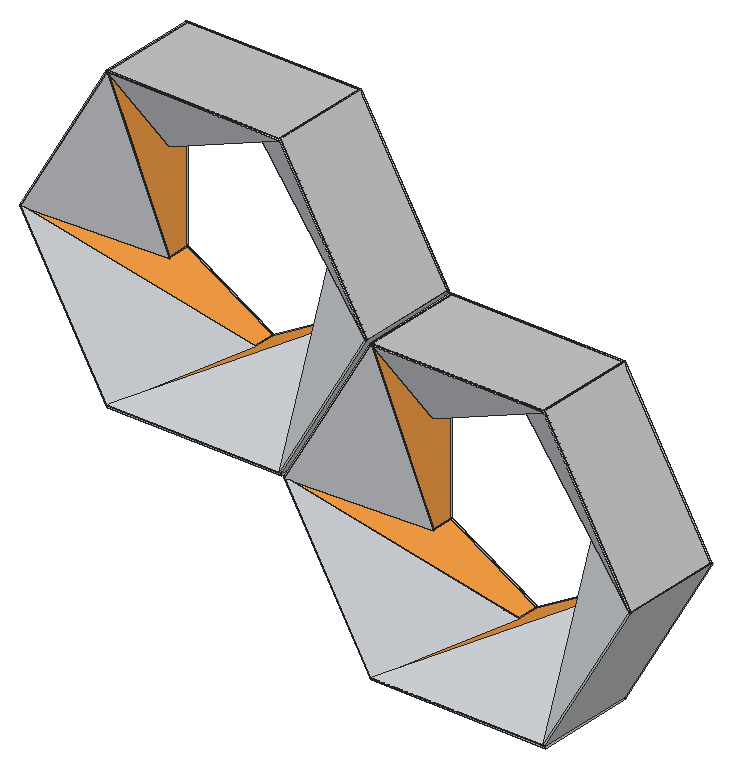
Revit family "POLINNO", category Curtain Panels, Revit 2019
Family settings
  OmniClass Number = 23.25.20.14.11.11.17
  OmniClass Title = Infill Panels
  Always vertical = Yes
  Cut with Voids When Loaded = No
  Shared = No
Parameters
  Material en Concreto = Concreto ladrillo
Reference planes (m)
  plane 1 "Centro (Frontal/Posterior)": y = 0
  plane 2: z = 0
  plane 3 "Centro (Izquierda/Derecha)": x = 0
  plane 4 "Izquierda": x = -1.5
  plane 5 "Derecha": x = 1.5
  plane 6 "Parte superior": z = 4
Forms (m)
  Extrusion 1, solid, material "PINTURA"
    sketch origin (0.223302, 0.016264, 0.089789) x (0.866025, 0, 0.5) y (0, -1, 0)
      loop
        line (-0.176913, 0.096606) -> (-0.176913, 0.016537) -> (-0.016913, 0.016537) -> (-0.016913, 0.035022) -> (-0.176913, 0.096606)
    from 0 to 0.001
  Extrusion 2, solid, material "Concreto ladrillo"
    sketch origin (0.208601, -0.019508, 0.218393) x (0, 1, 0) y (0, 0, 1)
      loop
        line (-0.060835, -0.217063) -> (0.019018, -0.217063) -> (0.019018, -0.137063) -> (0.000749, -0.137063) -> (-0.060835, -0.217063)
    from 0 to 0.001
  Extrusion 3, solid
    sketch origin (0.070084, 0, 0.001329) x (1, 0, 0) y (0, 0, 1)
      loop
        line (0.139516, 0.08) -> (0.138516, 0.08) -> (-0.000048, 0) -> (-0.000048, -0.001) -> (0.139516, -0.001) -> (0.139516, 0.08)
    from 0 to 0.001
  Extrusion 4, solid
    sketch origin (0.095531, -0.023141, 0.075639) x (0, -0.609994, -0.792406) y (1, 0, 0)
      loop
        line (0.093731, 0.11407) -> (-0.007818, 0.11407) -> (0.093731, -0.025383) -> (0.093731, 0.11407)
    from 0 to 0.001
  Extrusion 5, solid, material "PINTURA"
    sketch origin (0.154107, 0.016264, 0.032865) x (0.866025, 0, -0.5) y (0, -1, 0)
      loop
        line (-0.176913, 0.096606) -> (-0.176913, 0.016537) -> (-0.016913, 0.016537) -> (-0.016913, 0.035022) -> (-0.176913, 0.096606)
    from 0 to 0.001
  Extrusion 6, solid, material "Concreto ladrillo"
    sketch origin (0.25813, -0.019508, 0.109898) x (0, 1, 0) y (0.866025, 0, 0.5)
      loop
        line (-0.060835, -0.217063) -> (0.019018, -0.217063) -> (0.019018, -0.137063) -> (0.000749, -0.137063) -> (-0.060835, -0.217063)
    from 0 to 0.001
  Extrusion 7, solid, material "Concreto ladrillo"
    sketch origin (-0.004925, -0.03671, 0.13225) x (0, 1, 0) y (0.5, 0, -0.866025)
      loop
        line (0.03671, 0.151771) -> (-0.043634, 0.151771) -> (-0.043634, 0.012255) -> (0.03671, 0.012255) -> (0.03671, 0.151771)
    from 0 to 0.001
  Extrusion 8, solid
    sketch origin (0.00089, 0, 0.121325) x (0.5, 0, -0.866025) y (0.866025, 0, 0.5)
      loop
        line (0.139516, 0.08) -> (0.138516, 0.08) -> (-0.000048, 0) -> (-0.000048, -0.001) -> (0.139516, -0.001) -> (0.139516, 0.08)
    from 0 to 0.001
  Extrusion 9, solid
    sketch origin (0.077967, -0.023141, 0.136442) x (-0.686244, -0.609994, -0.396203) y (0.5, 0, -0.866025)
      loop
        line (0.093731, 0.11407) -> (-0.007818, 0.11407) -> (0.093731, -0.025383) -> (0.093731, 0.11407)
    from 0 to 0.001
  Extrusion 10, solid, material "PINTURA"
    sketch origin (0.070961, 0.016264, 0.064542) x (0, 0, -1) y (0, -1, 0)
      loop
        line (-0.176913, 0.096606) -> (-0.176913, 0.016537) -> (-0.015862, 0.016537) -> (-0.015862, 0.034617) -> (-0.176913, 0.096606)
    from 0 to 0.001
  Extrusion 11, solid, material "Concreto ladrillo"
    sketch origin (0.189685, -0.019508, 0.012972) x (0, 1, 0) y (0.866025, 0, -0.5)
      loop
        line (-0.060835, -0.217063) -> (0.019018, -0.217063) -> (0.019018, -0.137063) -> (0.000749, -0.137063) -> (-0.060835, -0.217063)
    from 0 to 0.001
  Extrusion 12, solid, material "Concreto ladrillo"
    sketch origin (0.077088, -0.03671, 0.252075) x (0, 1, 0) y (-0.5, 0, -0.866025)
      loop
        line (0.03671, 0.151771) -> (-0.043634, 0.151771) -> (-0.043634, 0.012255) -> (0.03671, 0.012255) -> (0.03671, 0.151771)
    from 0 to 0.001
  Extrusion 13, solid
    sketch origin (0.070961, 0, 0.241462) x (-0.5, 0, -0.866025) y (0.866025, 0, -0.5)
      loop
        line (0.139516, 0.08) -> (0.138516, 0.08) -> (-0.000048, 0) -> (-0.000048, -0.001) -> (0.139516, -0.001) -> (0.139516, 0.08)
    from 0 to 0.001
  Extrusion 14, solid
    sketch origin (0.122591, -0.023141, 0.18227) x (-0.686244, -0.609994, 0.396203) y (-0.5, 0, -0.866025)
      loop
        line (0.093731, 0.11407) -> (-0.007818, 0.11407) -> (0.093731, -0.025383) -> (0.093731, 0.11407)
    from 0 to 0.001
  Extrusion 15, solid, material "PINTURA"
    sketch origin (0.05626, 0.016264, 0.152929) x (-0.866025, 0, -0.5) y (0, -1, 0)
      loop
        line (-0.176913, 0.096606) -> (-0.176913, 0.016537) -> (-0.016913, 0.016537) -> (-0.016913, 0.035022) -> (-0.176913, 0.096606)
    from 0 to 0.001
  Extrusion 16, solid, material "Concreto ladrillo"
    sketch origin (0.070961, -0.019508, 0.024325) x (0, 1, 0) y (0, 0, -1)
      loop
        line (-0.060835, -0.217063) -> (0.019018, -0.217063) -> (0.019018, -0.137063) -> (0.000749, -0.137063) -> (-0.060835, -0.217063)
    from 0 to 0.001
  Extrusion 17, solid, material "Concreto ladrillo"
    sketch origin (0.221846, -0.03671, 0.240962) x (0, 1, 0) y (-1, 0, 0)
      loop
        line (0.03671, 0.151771) -> (-0.043634, 0.151771) -> (-0.043634, 0.012255) -> (0.03671, 0.012255) -> (0.03671, 0.151771)
    from 0 to 0.001
  Extrusion 18, solid
    sketch origin (0.209477, 0, 0.241389) x (-1, 0, 0) y (0, 0, -1)
      loop
        line (0.139516, 0.08) -> (0.138516, 0.08) -> (-0.000048, 0) -> (-0.000048, -0.001) -> (0.139516, -0.001) -> (0.139516, 0.08)
    from 0 to 0.001
  Extrusion 19, solid
    sketch origin (0.184031, -0.023141, 0.167079) x (0, -0.609994, 0.792406) y (-1, 0, 0)
      loop
        line (0.093731, 0.11407) -> (-0.007818, 0.11407) -> (0.093731, -0.025383) -> (0.093731, 0.11407)
    from 0 to 0.001
  Extrusion 20, solid, material "PINTURA"
    sketch origin (0.1252, 0.016264, 0.209524) x (-0.866025, 0, 0.5) y (0, -1, 0)
      loop
        line (-0.176913, 0.096606) -> (-0.176913, 0.016537) -> (-0.016913, 0.016537) -> (-0.016913, 0.035022) -> (-0.176913, 0.096606)
    from 0 to 0.001
  Extrusion 21, solid, material "Concreto ladrillo"
    sketch origin (0.021176, -0.019508, 0.132491) x (0, 1, 0) y (-0.866025, 0, -0.5)
      loop
        line (-0.060835, -0.217063) -> (0.019018, -0.217063) -> (0.019018, -0.137063) -> (0.000749, -0.137063) -> (-0.060835, -0.217063)
    from 0 to 0.001
  Extrusion 22, solid, material "Concreto ladrillo"
    sketch origin (0.284544, -0.03671, 0.110451) x (0, 1, 0) y (-0.5, 0, 0.866025)
      loop
        line (0.03671, 0.151771) -> (-0.043634, 0.151771) -> (-0.043634, 0.012255) -> (0.03671, 0.012255) -> (0.03671, 0.151771)
    from 0 to 0.001
  Extrusion 23, solid
    sketch origin (0.278417, 0, 0.121064) x (-0.5, 0, 0.866025) y (-0.866025, 0, -0.5)
      loop
        line (0.139516, 0.08) -> (0.138516, 0.08) -> (-0.000048, 0) -> (-0.000048, -0.001) -> (0.139516, -0.001) -> (0.139516, 0.08)
    from 0 to 0.001
  Extrusion 24, solid
    sketch origin (0.20134, -0.023141, 0.105946) x (0.686244, -0.609994, 0.396203) y (-0.5, 0, 0.866025)
      loop
        line (0.093731, 0.11407) -> (-0.007818, 0.11407) -> (0.093731, -0.025383) -> (0.093731, 0.11407)
    from 0 to 0.001
  Extrusion 25, solid, material "PINTURA"
    sketch origin (0.209095, 0.016264, 0.178062) x (0, 0, 1) y (0, -1, 0)
      loop
        line (-0.176913, 0.096606) -> (-0.176913, 0.016537) -> (-0.016913, 0.016537) -> (-0.016913, 0.035022) -> (-0.176913, 0.096606)
    from 0 to 0.001
  Extrusion 26, solid, material "Concreto ladrillo"
    sketch origin (0.090371, -0.019508, 0.229632) x (0, 1, 0) y (-0.866025, 0, 0.5)
      loop
        line (-0.060835, -0.217063) -> (0.019018, -0.217063) -> (0.019018, -0.137063) -> (0.000749, -0.137063) -> (-0.060835, -0.217063)
    from 0 to 0.001
  Extrusion 27, solid, material "Concreto ladrillo"
    sketch origin (0.202541, -0.03671, -0.009357) x (0, 1, 0) y (0.5, 0, 0.866025)
      loop
        line (0.03671, 0.151771) -> (-0.043634, 0.151771) -> (-0.043634, 0.012255) -> (0.03671, 0.012255) -> (0.03671, 0.151771)
    from 0 to 0.001
  Extrusion 28, solid
    sketch origin (0.209095, 0, 0.001142) x (0.5, 0, 0.866025) y (-0.866025, 0, 0.5)
      loop
        line (0.139516, 0.08) -> (0.138516, 0.08) -> (-0.000048, 0) -> (-0.000048, -0.001) -> (0.139516, -0.001) -> (0.139516, 0.08)
    from 0 to 0.001
  Extrusion 29, solid
    sketch origin (0.157464, -0.023141, 0.060334) x (0.686244, -0.609994, -0.396203) y (0.5, 0, 0.866025)
      loop
        line (0.093731, 0.11407) -> (-0.007818, 0.11407) -> (0.093731, -0.025383) -> (0.093731, 0.11407)
    from 0 to 0.001
  Extrusion 30, solid, material "Concreto ladrillo"
    sketch origin (0.284419, -0.042527, 0.000329) x (0, -1, 0) y (-1, 0, 0)
      loop
        line (0.037963, 0.213568) -> (-0.042381, 0.213568) -> (-0.042381, 0.074051) -> (0.037963, 0.074051) -> (0.037963, 0.213568)
    from -0.001647 to 0.000329
  Extrusion 31, solid, material "PINTURA"
    sketch origin (0.011859, 0.016264, 0.210938) x (0.866025, 0, 0.5) y (0, -1, 0)
      loop
        line (-0.176913, 0.096606) -> (-0.176913, 0.016537) -> (-0.016913, 0.016537) -> (-0.016913, 0.035022) -> (-0.176913, 0.096606)
    from 0 to 0.001
  Extrusion 32, solid, material "Concreto ladrillo"
    sketch origin (-0.002842, -0.019508, 0.339542) x (0, 1, 0) y (0, 0, 1)
      loop
        line (-0.060835, -0.217063) -> (0.019018, -0.217063) -> (0.019018, -0.137063) -> (0.000749, -0.137063) -> (-0.060835, -0.217063)
    from 0 to 0.001
  Extrusion 33, solid
    sketch origin (-0.141358, 0, 0.122478) x (1, 0, 0) y (0, 0, 1)
      loop
        line (0.139516, 0.08) -> (0.138516, 0.08) -> (-0.000048, 0) -> (-0.000048, -0.001) -> (0.139516, -0.001) -> (0.139516, 0.08)
    from 0 to 0.001
  Extrusion 34, solid
    sketch origin (-0.115912, -0.023141, 0.196788) x (0, -0.609994, -0.792406) y (1, 0, 0)
      loop
        line (0.093731, 0.11407) -> (-0.007818, 0.11407) -> (0.093731, -0.025383) -> (0.093731, 0.11407)
    from 0 to 0.001
  Extrusion 35, solid, material "PINTURA"
    sketch origin (-0.057336, 0.016264, 0.154014) x (0.866025, 0, -0.5) y (0, -1, 0)
      loop
        line (-0.176913, 0.096606) -> (-0.176913, 0.016537) -> (-0.016913, 0.016537) -> (-0.016913, 0.035022) -> (-0.176913, 0.096606)
    from 0 to 0.001
  Extrusion 36, solid, material "Concreto ladrillo"
    sketch origin (0.046688, -0.019508, 0.231047) x (0, 1, 0) y (0.866025, 0, 0.5)
      loop
        line (-0.060835, -0.217063) -> (0.019018, -0.217063) -> (0.019018, -0.137063) -> (0.000749, -0.137063) -> (-0.060835, -0.217063)
    from 0 to 0.001
  Extrusion 37, solid, material "Concreto ladrillo"
    sketch origin (-0.216368, -0.03671, 0.253399) x (0, 1, 0) y (0.5, 0, -0.866025)
      loop
        line (0.03671, 0.151771) -> (-0.043634, 0.151771) -> (-0.043634, 0.012255) -> (0.03671, 0.012255) -> (0.03671, 0.151771)
    from 0 to 0.001
  Extrusion 38, solid
    sketch origin (-0.210553, 0, 0.242474) x (0.5, 0, -0.866025) y (0.866025, 0, 0.5)
      loop
        line (0.139516, 0.08) -> (0.138516, 0.08) -> (-0.000048, 0) -> (-0.000048, -0.001) -> (0.139516, -0.001) -> (0.139516, 0.08)
    from 0 to 0.001
  Extrusion 39, solid
    sketch origin (-0.133476, -0.023141, 0.257591) x (-0.686244, -0.609994, -0.396203) y (0.5, 0, -0.866025)
      loop
        line (0.093731, 0.11407) -> (-0.007818, 0.11407) -> (0.093731, -0.025383) -> (0.093731, 0.11407)
    from 0 to 0.001
  Extrusion 40, solid, material "PINTURA"
    sketch origin (-0.140482, 0.016264, 0.185691) x (0, 0, -1) y (0, -1, 0)
      loop
        line (-0.176913, 0.096606) -> (-0.176913, 0.016537) -> (-0.015862, 0.016537) -> (-0.015862, 0.034617) -> (-0.176913, 0.096606)
    from 0 to 0.001
  Extrusion 41, solid, material "Concreto ladrillo"
    sketch origin (-0.021758, -0.019508, 0.134121) x (0, 1, 0) y (0.866025, 0, -0.5)
      loop
        line (-0.060835, -0.217063) -> (0.019018, -0.217063) -> (0.019018, -0.137063) -> (0.000749, -0.137063) -> (-0.060835, -0.217063)
    from 0 to 0.001
  Extrusion 42, solid, material "Concreto ladrillo"
    sketch origin (-0.134355, -0.03671, 0.373224) x (0, 1, 0) y (-0.5, 0, -0.866025)
      loop
        line (0.03671, 0.151771) -> (-0.043634, 0.151771) -> (-0.043634, 0.012255) -> (0.03671, 0.012255) -> (0.03671, 0.151771)
    from 0 to 0.001
  Extrusion 43, solid
    sketch origin (-0.140482, 0, 0.362611) x (-0.5, 0, -0.866025) y (0.866025, 0, -0.5)
      loop
        line (0.139516, 0.08) -> (0.138516, 0.08) -> (-0.000048, 0) -> (-0.000048, -0.001) -> (0.139516, -0.001) -> (0.139516, 0.08)
    from 0 to 0.001
  Extrusion 44, solid
    sketch origin (-0.088851, -0.023141, 0.303419) x (-0.686244, -0.609994, 0.396203) y (-0.5, 0, -0.866025)
      loop
        line (0.093731, 0.11407) -> (-0.007818, 0.11407) -> (0.093731, -0.025383) -> (0.093731, 0.11407)
    from 0 to 0.001
  Extrusion 45, solid, material "PINTURA"
    sketch origin (-0.155183, 0.016264, 0.274078) x (-0.866025, 0, -0.5) y (0, -1, 0)
      loop
        line (-0.176913, 0.096606) -> (-0.176913, 0.016537) -> (-0.016913, 0.016537) -> (-0.016913, 0.035022) -> (-0.176913, 0.096606)
    from 0 to 0.001
  Extrusion 46, solid, material "Concreto ladrillo"
    sketch origin (-0.140482, -0.019508, 0.145474) x (0, 1, 0) y (0, 0, -1)
      loop
        line (-0.060835, -0.217063) -> (0.019018, -0.217063) -> (0.019018, -0.137063) -> (0.000749, -0.137063) -> (-0.060835, -0.217063)
    from 0 to 0.001
  Extrusion 47, solid, material "Concreto ladrillo"
    sketch origin (0.010403, -0.03671, 0.362111) x (0, 1, 0) y (-1, 0, 0)
      loop
        line (0.03671, 0.151771) -> (-0.043634, 0.151771) -> (-0.043634, 0.012255) -> (0.03671, 0.012255) -> (0.03671, 0.151771)
    from 0 to 0.001
  Extrusion 48, solid
    sketch origin (-0.001966, 0, 0.362538) x (-1, 0, 0) y (0, 0, -1)
      loop
        line (0.139516, 0.08) -> (0.138516, 0.08) -> (-0.000048, 0) -> (-0.000048, -0.001) -> (0.139516, -0.001) -> (0.139516, 0.08)
    from 0 to 0.001
  Extrusion 49, solid
    sketch origin (-0.027412, -0.023141, 0.288228) x (0, -0.609994, 0.792406) y (-1, 0, 0)
      loop
        line (0.093731, 0.11407) -> (-0.007818, 0.11407) -> (0.093731, -0.025383) -> (0.093731, 0.11407)
    from 0 to 0.001
  Extrusion 50, solid, material "PINTURA"
    sketch origin (-0.086243, 0.016264, 0.330673) x (-0.866025, 0, 0.5) y (0, -1, 0)
      loop
        line (-0.176913, 0.096606) -> (-0.176913, 0.016537) -> (-0.016913, 0.016537) -> (-0.016913, 0.035022) -> (-0.176913, 0.096606)
    from 0 to 0.001
  Extrusion 51, solid, material "Concreto ladrillo"
    sketch origin (-0.190266, -0.019508, 0.25364) x (0, 1, 0) y (-0.866025, 0, -0.5)
      loop
        line (-0.060835, -0.217063) -> (0.019018, -0.217063) -> (0.019018, -0.137063) -> (0.000749, -0.137063) -> (-0.060835, -0.217063)
    from 0 to 0.001
  Extrusion 52, solid, material "Concreto ladrillo"
    sketch origin (0.073101, -0.03671, 0.2316) x (0, 1, 0) y (-0.5, 0, 0.866025)
      loop
        line (0.03671, 0.151771) -> (-0.043634, 0.151771) -> (-0.043634, 0.012255) -> (0.03671, 0.012255) -> (0.03671, 0.151771)
    from 0 to 0.001
  Extrusion 53, solid
    sketch origin (0.066974, 0, 0.242213) x (-0.5, 0, 0.866025) y (-0.866025, 0, -0.5)
      loop
        line (0.139516, 0.08) -> (0.138516, 0.08) -> (-0.000048, 0) -> (-0.000048, -0.001) -> (0.139516, -0.001) -> (0.139516, 0.08)
    from 0 to 0.001
  Extrusion 54, solid
    sketch origin (-0.010103, -0.023141, 0.227095) x (0.686244, -0.609994, 0.396203) y (-0.5, 0, 0.866025)
      loop
        line (0.093731, 0.11407) -> (-0.007818, 0.11407) -> (0.093731, -0.025383) -> (0.093731, 0.11407)
    from 0 to 0.001
  Extrusion 55, solid, material "PINTURA"
    sketch origin (-0.002348, 0.016264, 0.299211) x (0, 0, 1) y (0, -1, 0)
      loop
        line (-0.176913, 0.096606) -> (-0.176913, 0.016537) -> (-0.016913, 0.016537) -> (-0.016913, 0.035022) -> (-0.176913, 0.096606)
    from 0 to 0.001
  Extrusion 56, solid, material "Concreto ladrillo"
    sketch origin (-0.121072, -0.019508, 0.350781) x (0, 1, 0) y (-0.866025, 0, 0.5)
      loop
        line (-0.060835, -0.217063) -> (0.019018, -0.217063) -> (0.019018, -0.137063) -> (0.000749, -0.137063) -> (-0.060835, -0.217063)
    from 0 to 0.001
  Extrusion 57, solid, material "Concreto ladrillo"
    sketch origin (-0.008902, -0.03671, 0.111792) x (0, 1, 0) y (0.5, 0, 0.866025)
      loop
        line (0.03671, 0.151771) -> (-0.043634, 0.151771) -> (-0.043634, 0.012255) -> (0.03671, 0.012255) -> (0.03671, 0.151771)
    from 0 to 0.001
  Extrusion 58, solid
    sketch origin (-0.002348, 0, 0.122291) x (0.5, 0, 0.866025) y (-0.866025, 0, 0.5)
      loop
        line (0.139516, 0.08) -> (0.138516, 0.08) -> (-0.000048, 0) -> (-0.000048, -0.001) -> (0.139516, -0.001) -> (0.139516, 0.08)
    from 0 to 0.001
  Extrusion 59, solid
    sketch origin (-0.053978, -0.023141, 0.181483) x (0.686244, -0.609994, -0.396203) y (0.5, 0, 0.866025)
      loop
        line (0.093731, 0.11407) -> (-0.007818, 0.11407) -> (0.093731, -0.025383) -> (0.093731, 0.11407)
    from 0 to 0.001
  Extrusion 60, solid, material "Concreto ladrillo"
    sketch origin (0.072976, -0.042527, 0.121478) x (0, -1, 0) y (-1, 0, 0)
      loop
        line (0.037963, 0.213568) -> (-0.042381, 0.213568) -> (-0.042381, 0.074051) -> (0.037963, 0.074051) -> (0.037963, 0.213568)
    from -0.001647 to 0.000329
Text (m)
  text "Exterior" at (-2.45384, 1.416179, 0), in view "Nivel de referencia"
  text "Exterior" at (0, 2.290741, 4.406713), in view "Izquierda"
  text "Exterior" at (0, 1.328187, 4.120349), in view "Derecha"
Dimensions and locks (m)
  equal spacing: plane 4 "Izquierda", plane 3 "Centro (Izquierda/Derecha)", plane 5 "Derecha"
  aligned and locked: level to plane 2
Automatic sketch dimensions
  plane 1 "Centro (Frontal/Posterior)" to Extrusion 1 sketch curve = 0.000273 m
  Extrusion 1 sketch curve to Extrusion 1 sketch curve = 0.160 m
  Extrusion 1 sketch curve to Extrusion 1 sketch curve = 0.018485 m
  Extrusion 1 sketch curve to Extrusion 1 sketch curve = 0.080069 m
  level to Extrusion 2 sketch curve = 0.001329 m
  plane 1 "Centro (Frontal/Posterior)" to Extrusion 2 sketch curve = 0.080343 m
  plane 1 "Centro (Frontal/Posterior)" to Extrusion 2 sketch curve = 0.018759 m
  plane 1 "Centro (Frontal/Posterior)" to Extrusion 2 sketch curve = 0.00049 m
  Extrusion 2 sketch curve to Extrusion 2 sketch curve = 0.080 m
  level to Extrusion 3 sketch curve = 0.000329 m
  plane 3 "Centro (Izquierda/Derecha)" to Extrusion 3 sketch curve = 0.070037 m
  level to Extrusion 3 sketch curve = 0.081329 m
  Extrusion 3 sketch curve to Extrusion 3 sketch curve = 0.138564 m
  Extrusion 3 sketch curve to Extrusion 3 sketch curve = 0.001 m  (x2)
  plane 3 "Centro (Izquierda/Derecha)" to Extrusion 4 sketch curve = 0.209601 m
  plane 3 "Centro (Izquierda/Derecha)" to Extrusion 4 sketch curve = 0.070148 m
  Extrusion 4 sketch curve to Extrusion 4 sketch curve = 0.101549 m
  plane 1 "Centro (Frontal/Posterior)" to Extrusion 5 sketch curve = 0.000273 m
  Extrusion 5 sketch curve to Extrusion 5 sketch curve = 0.160 m
  Extrusion 5 sketch curve to Extrusion 5 sketch curve = 0.018485 m
  Extrusion 5 sketch curve to Extrusion 5 sketch curve = 0.080069 m
  plane 1 "Centro (Frontal/Posterior)" to Extrusion 6 sketch curve = 0.080343 m
  plane 1 "Centro (Frontal/Posterior)" to Extrusion 6 sketch curve = 0.018759 m
  plane 1 "Centro (Frontal/Posterior)" to Extrusion 6 sketch curve = 0.00049 m
  Extrusion 6 sketch curve to Extrusion 6 sketch curve = 0.080 m
  Extrusion 7 sketch curve to plane 1 "Centro (Frontal/Posterior)" = 0.000 m
  plane 1 "Centro (Frontal/Posterior)" to Extrusion 7 sketch curve = 0.080344 m
  Extrusion 7 sketch curve to Extrusion 7 sketch curve = 0.139516 m
  Extrusion 8 sketch curve to plane 3 "Centro (Izquierda/Derecha)" = 0.000 m
  Extrusion 8 sketch curve to level = 0.000 m
  level to Extrusion 8 sketch curve = 0.120866 m
  Extrusion 8 sketch curve to Extrusion 8 sketch curve = 0.001 m  (x2)
  Extrusion 8 sketch curve to Extrusion 8 sketch curve = 0.081 m
  Extrusion 9 sketch curve to Extrusion 9 sketch curve = 0.101549 m
  Extrusion 9 sketch curve to Extrusion 9 sketch curve = 0.139453 m
  plane 1 "Centro (Frontal/Posterior)" to Extrusion 10 sketch curve = 0.000273 m
  level to Extrusion 10 sketch curve = 0.241455 m
  level to Extrusion 10 sketch curve = 0.080404 m
  Extrusion 10 sketch curve to Extrusion 10 sketch curve = 0.01808 m
  Extrusion 10 sketch curve to Extrusion 10 sketch curve = 0.080069 m
  plane 1 "Centro (Frontal/Posterior)" to Extrusion 11 sketch curve = 0.080343 m
  plane 1 "Centro (Frontal/Posterior)" to Extrusion 11 sketch curve = 0.018759 m
  plane 1 "Centro (Frontal/Posterior)" to Extrusion 11 sketch curve = 0.00049 m
  Extrusion 11 sketch curve to Extrusion 11 sketch curve = 0.080 m
  plane 1 "Centro (Frontal/Posterior)" to Extrusion 12 sketch curve = 0.000 m
  plane 1 "Centro (Frontal/Posterior)" to Extrusion 12 sketch curve = 0.080344 m
  Extrusion 12 sketch curve to Extrusion 12 sketch curve = 0.139516 m
  plane 3 "Centro (Izquierda/Derecha)" to Extrusion 13 sketch curve = 0.070118 m
  level to Extrusion 13 sketch curve = 0.242003 m
  Extrusion 13 sketch curve to Extrusion 13 sketch curve = 0.138564 m
  Extrusion 13 sketch curve to Extrusion 13 sketch curve = 0.001 m  (x2)
  Extrusion 13 sketch curve to Extrusion 13 sketch curve = 0.081 m
  Extrusion 14 sketch curve to Extrusion 14 sketch curve = 0.101549 m
  Extrusion 14 sketch curve to Extrusion 14 sketch curve = 0.139453 m
  plane 1 "Centro (Frontal/Posterior)" to Extrusion 15 sketch curve = 0.000273 m
  Extrusion 15 sketch curve to Extrusion 15 sketch curve = 0.160 m
  Extrusion 15 sketch curve to Extrusion 15 sketch curve = 0.018485 m
  Extrusion 15 sketch curve to Extrusion 15 sketch curve = 0.080069 m
  plane 1 "Centro (Frontal/Posterior)" to Extrusion 16 sketch curve = 0.080343 m
  plane 1 "Centro (Frontal/Posterior)" to Extrusion 16 sketch curve = 0.018759 m
  plane 1 "Centro (Frontal/Posterior)" to Extrusion 16 sketch curve = 0.00049 m
  level to Extrusion 16 sketch curve = 0.241389 m
  Extrusion 16 sketch curve to Extrusion 16 sketch curve = 0.080 m
  plane 1 "Centro (Frontal/Posterior)" to Extrusion 17 sketch curve = 0.000 m
  plane 1 "Centro (Frontal/Posterior)" to Extrusion 17 sketch curve = 0.080344 m
  plane 3 "Centro (Izquierda/Derecha)" to Extrusion 17 sketch curve = 0.209591 m
  plane 3 "Centro (Izquierda/Derecha)" to Extrusion 17 sketch curve = 0.070075 m
  plane 3 "Centro (Izquierda/Derecha)" to Extrusion 18 sketch curve = 0.209525 m
  plane 3 "Centro (Izquierda/Derecha)" to Extrusion 18 sketch curve = 0.070961 m
  Extrusion 18 sketch curve to Extrusion 18 sketch curve = 0.001 m  (x2)
  level to Extrusion 18 sketch curve = 0.242389 m
  Extrusion 18 sketch curve to Extrusion 18 sketch curve = 0.081 m
  plane 3 "Centro (Izquierda/Derecha)" to Extrusion 19 sketch curve = 0.069961 m
  plane 3 "Centro (Izquierda/Derecha)" to Extrusion 19 sketch curve = 0.209413 m
  Extrusion 19 sketch curve to Extrusion 19 sketch curve = 0.101549 m
  plane 1 "Centro (Frontal/Posterior)" to Extrusion 20 sketch curve = 0.000273 m
  Extrusion 20 sketch curve to Extrusion 20 sketch curve = 0.160 m
  Extrusion 20 sketch curve to Extrusion 20 sketch curve = 0.018485 m
  Extrusion 20 sketch curve to Extrusion 20 sketch curve = 0.080069 m
  plane 1 "Centro (Frontal/Posterior)" to Extrusion 21 sketch curve = 0.080343 m
  plane 1 "Centro (Frontal/Posterior)" to Extrusion 21 sketch curve = 0.018759 m
  plane 1 "Centro (Frontal/Posterior)" to Extrusion 21 sketch curve = 0.00049 m
  Extrusion 21 sketch curve to Extrusion 21 sketch curve = 0.080 m
  plane 1 "Centro (Frontal/Posterior)" to Extrusion 22 sketch curve = 0.000 m
  plane 1 "Centro (Frontal/Posterior)" to Extrusion 22 sketch curve = 0.080344 m
  Extrusion 22 sketch curve to Extrusion 22 sketch curve = 0.139516 m
  level to Extrusion 23 sketch curve = 0.121523 m
  plane 3 "Centro (Izquierda/Derecha)" to Extrusion 23 sketch curve = 0.279307 m
  Extrusion 23 sketch curve to Extrusion 23 sketch curve = 0.138564 m
  Extrusion 23 sketch curve to Extrusion 23 sketch curve = 0.001 m  (x2)
  Extrusion 23 sketch curve to Extrusion 23 sketch curve = 0.081 m
  Extrusion 24 sketch curve to Extrusion 24 sketch curve = 0.101549 m
  Extrusion 24 sketch curve to Extrusion 24 sketch curve = 0.139453 m
  plane 1 "Centro (Frontal/Posterior)" to Extrusion 25 sketch curve = 0.000273 m
  level to Extrusion 25 sketch curve = 0.001149 m
  Extrusion 25 sketch curve to Extrusion 25 sketch curve = 0.160 m
  Extrusion 25 sketch curve to Extrusion 25 sketch curve = 0.018485 m
  Extrusion 25 sketch curve to Extrusion 25 sketch curve = 0.080069 m
  plane 1 "Centro (Frontal/Posterior)" to Extrusion 26 sketch curve = 0.080343 m
  plane 1 "Centro (Frontal/Posterior)" to Extrusion 26 sketch curve = 0.018759 m
  plane 1 "Centro (Frontal/Posterior)" to Extrusion 26 sketch curve = 0.00049 m
  Extrusion 26 sketch curve to Extrusion 26 sketch curve = 0.080 m
  Extrusion 27 sketch curve to plane 1 "Centro (Frontal/Posterior)" = 0.000 m
  plane 1 "Centro (Frontal/Posterior)" to Extrusion 27 sketch curve = 0.080344 m
  Extrusion 27 sketch curve to Extrusion 27 sketch curve = 0.139516 m
  level to Extrusion 28 sketch curve = 0.000601 m
  plane 3 "Centro (Izquierda/Derecha)" to Extrusion 28 sketch curve = 0.209937 m
  Extrusion 28 sketch curve to Extrusion 28 sketch curve = 0.138564 m
  Extrusion 28 sketch curve to Extrusion 28 sketch curve = 0.001 m  (x2)
  Extrusion 28 sketch curve to Extrusion 28 sketch curve = 0.081 m
  Extrusion 29 sketch curve to Extrusion 29 sketch curve = 0.101549 m
  Extrusion 29 sketch curve to Extrusion 29 sketch curve = 0.139453 m
  Extrusion 30 sketch curve to Extrusion 3 = 0.000146 m
  Extrusion 30 sketch curve to Extrusion 3 = 0.000814 m
  Extrusion 3 to Extrusion 30 sketch curve = 0.07949 m
  Extrusion 30 sketch curve to Extrusion 3 = 0.000766 m
  plane 1 "Centro (Frontal/Posterior)" to Extrusion 31 sketch curve = 0.000273 m
  Extrusion 31 sketch curve to Extrusion 31 sketch curve = 0.160 m
  Extrusion 31 sketch curve to Extrusion 31 sketch curve = 0.018485 m
  Extrusion 31 sketch curve to Extrusion 31 sketch curve = 0.080069 m
  plane 1 "Centro (Frontal/Posterior)" to Extrusion 32 sketch curve = 0.080343 m
  plane 1 "Centro (Frontal/Posterior)" to Extrusion 32 sketch curve = 0.018759 m
  plane 1 "Centro (Frontal/Posterior)" to Extrusion 32 sketch curve = 0.00049 m
  level to Extrusion 32 sketch curve = 0.122478 m
  Extrusion 32 sketch curve to Extrusion 32 sketch curve = 0.080 m
  Extrusion 33 sketch curve to plane 3 "Centro (Izquierda/Derecha)" = 0.141406 m
  Extrusion 33 sketch curve to plane 3 "Centro (Izquierda/Derecha)" = 0.002842 m
  Extrusion 33 sketch curve to Extrusion 33 sketch curve = 0.001 m  (x2)
  level to Extrusion 33 sketch curve = 0.121478 m
  Extrusion 33 sketch curve to Extrusion 33 sketch curve = 0.081 m
  Extrusion 34 sketch curve to plane 3 "Centro (Izquierda/Derecha)" = 0.001842 m
  Extrusion 34 sketch curve to plane 3 "Centro (Izquierda/Derecha)" = 0.141295 m
  Extrusion 34 sketch curve to Extrusion 34 sketch curve = 0.101549 m
  plane 1 "Centro (Frontal/Posterior)" to Extrusion 35 sketch curve = 0.000273 m
  Extrusion 35 sketch curve to Extrusion 35 sketch curve = 0.160 m
  Extrusion 35 sketch curve to Extrusion 35 sketch curve = 0.018485 m
  Extrusion 35 sketch curve to Extrusion 35 sketch curve = 0.080069 m
  plane 1 "Centro (Frontal/Posterior)" to Extrusion 36 sketch curve = 0.080343 m
  plane 1 "Centro (Frontal/Posterior)" to Extrusion 36 sketch curve = 0.018759 m
  plane 1 "Centro (Frontal/Posterior)" to Extrusion 36 sketch curve = 0.00049 m
  Extrusion 36 sketch curve to Extrusion 36 sketch curve = 0.080 m
  Extrusion 37 sketch curve to plane 1 "Centro (Frontal/Posterior)" = 0.000 m
  plane 1 "Centro (Frontal/Posterior)" to Extrusion 37 sketch curve = 0.080344 m
  Extrusion 37 sketch curve to Extrusion 37 sketch curve = 0.139516 m
  Extrusion 38 sketch curve to plane 3 "Centro (Izquierda/Derecha)" = 0.211443 m
  level to Extrusion 38 sketch curve = 0.242015 m
  Extrusion 38 sketch curve to Extrusion 38 sketch curve = 0.138564 m
  Extrusion 38 sketch curve to Extrusion 38 sketch curve = 0.001 m  (x2)
  Extrusion 38 sketch curve to Extrusion 38 sketch curve = 0.081 m
  Extrusion 39 sketch curve to Extrusion 39 sketch curve = 0.101549 m
  Extrusion 39 sketch curve to Extrusion 39 sketch curve = 0.139453 m
  plane 1 "Centro (Frontal/Posterior)" to Extrusion 40 sketch curve = 0.000273 m
  level to Extrusion 40 sketch curve = 0.362604 m
  Extrusion 40 sketch curve to Extrusion 40 sketch curve = 0.161051 m
  Extrusion 40 sketch curve to Extrusion 40 sketch curve = 0.01808 m
  Extrusion 40 sketch curve to Extrusion 40 sketch curve = 0.080069 m
  plane 1 "Centro (Frontal/Posterior)" to Extrusion 41 sketch curve = 0.080343 m
  plane 1 "Centro (Frontal/Posterior)" to Extrusion 41 sketch curve = 0.018759 m
  plane 1 "Centro (Frontal/Posterior)" to Extrusion 41 sketch curve = 0.00049 m
  Extrusion 41 sketch curve to Extrusion 41 sketch curve = 0.080 m
  plane 1 "Centro (Frontal/Posterior)" to Extrusion 42 sketch curve = 0.000 m
  plane 1 "Centro (Frontal/Posterior)" to Extrusion 42 sketch curve = 0.080344 m
  Extrusion 42 sketch curve to Extrusion 42 sketch curve = 0.139516 m
  Extrusion 43 sketch curve to plane 3 "Centro (Izquierda/Derecha)" = 0.141324 m
  level to Extrusion 43 sketch curve = 0.363152 m
  Extrusion 43 sketch curve to Extrusion 43 sketch curve = 0.138564 m
  Extrusion 43 sketch curve to Extrusion 43 sketch curve = 0.001 m  (x2)
  Extrusion 43 sketch curve to Extrusion 43 sketch curve = 0.081 m
  Extrusion 44 sketch curve to Extrusion 44 sketch curve = 0.101549 m
  Extrusion 44 sketch curve to Extrusion 44 sketch curve = 0.139453 m
  plane 1 "Centro (Frontal/Posterior)" to Extrusion 45 sketch curve = 0.000273 m
  Extrusion 45 sketch curve to Extrusion 45 sketch curve = 0.160 m
  Extrusion 45 sketch curve to Extrusion 45 sketch curve = 0.018485 m
  Extrusion 45 sketch curve to Extrusion 45 sketch curve = 0.080069 m
  plane 1 "Centro (Frontal/Posterior)" to Extrusion 46 sketch curve = 0.080343 m
  plane 1 "Centro (Frontal/Posterior)" to Extrusion 46 sketch curve = 0.018759 m
  plane 1 "Centro (Frontal/Posterior)" to Extrusion 46 sketch curve = 0.00049 m
  level to Extrusion 46 sketch curve = 0.362538 m
  Extrusion 46 sketch curve to Extrusion 46 sketch curve = 0.080 m
  plane 1 "Centro (Frontal/Posterior)" to Extrusion 47 sketch curve = 0.000 m
  Extrusion 47 sketch curve to plane 3 "Centro (Izquierda/Derecha)" = 0.001851 m
  plane 1 "Centro (Frontal/Posterior)" to Extrusion 47 sketch curve = 0.080344 m
  Extrusion 47 sketch curve to Extrusion 47 sketch curve = 0.139516 m
  Extrusion 48 sketch curve to plane 3 "Centro (Izquierda/Derecha)" = 0.001918 m
  Extrusion 48 sketch curve to plane 3 "Centro (Izquierda/Derecha)" = 0.140482 m
  Extrusion 48 sketch curve to Extrusion 48 sketch curve = 0.001 m  (x2)
  level to Extrusion 48 sketch curve = 0.363538 m
  Extrusion 48 sketch curve to Extrusion 48 sketch curve = 0.081 m
  Extrusion 49 sketch curve to plane 3 "Centro (Izquierda/Derecha)" = 0.141482 m
  Extrusion 49 sketch curve to plane 3 "Centro (Izquierda/Derecha)" = 0.002029 m
  Extrusion 49 sketch curve to Extrusion 49 sketch curve = 0.101549 m
  plane 1 "Centro (Frontal/Posterior)" to Extrusion 50 sketch curve = 0.000273 m
  Extrusion 50 sketch curve to Extrusion 50 sketch curve = 0.160 m
  Extrusion 50 sketch curve to Extrusion 50 sketch curve = 0.018485 m
  Extrusion 50 sketch curve to Extrusion 50 sketch curve = 0.080069 m
  plane 1 "Centro (Frontal/Posterior)" to Extrusion 51 sketch curve = 0.080343 m
  plane 1 "Centro (Frontal/Posterior)" to Extrusion 51 sketch curve = 0.018759 m
  plane 1 "Centro (Frontal/Posterior)" to Extrusion 51 sketch curve = 0.00049 m
  Extrusion 51 sketch curve to Extrusion 51 sketch curve = 0.080 m
  plane 1 "Centro (Frontal/Posterior)" to Extrusion 52 sketch curve = 0.000 m
  plane 1 "Centro (Frontal/Posterior)" to Extrusion 52 sketch curve = 0.080344 m
  Extrusion 52 sketch curve to Extrusion 52 sketch curve = 0.139516 m
  plane 3 "Centro (Izquierda/Derecha)" to Extrusion 53 sketch curve = 0.067864 m
  level to Extrusion 53 sketch curve = 0.242672 m
  Extrusion 53 sketch curve to Extrusion 53 sketch curve = 0.138564 m
  Extrusion 53 sketch curve to Extrusion 53 sketch curve = 0.001 m  (x2)
  Extrusion 53 sketch curve to Extrusion 53 sketch curve = 0.081 m
  Extrusion 54 sketch curve to Extrusion 54 sketch curve = 0.101549 m
  Extrusion 54 sketch curve to Extrusion 54 sketch curve = 0.139453 m
  plane 1 "Centro (Frontal/Posterior)" to Extrusion 55 sketch curve = 0.000273 m
  level to Extrusion 55 sketch curve = 0.122298 m
  Extrusion 55 sketch curve to Extrusion 55 sketch curve = 0.160 m
  Extrusion 55 sketch curve to Extrusion 55 sketch curve = 0.018485 m
  Extrusion 55 sketch curve to Extrusion 55 sketch curve = 0.080069 m
  plane 1 "Centro (Frontal/Posterior)" to Extrusion 56 sketch curve = 0.080343 m
  plane 1 "Centro (Frontal/Posterior)" to Extrusion 56 sketch curve = 0.018759 m
  plane 1 "Centro (Frontal/Posterior)" to Extrusion 56 sketch curve = 0.00049 m
  Extrusion 56 sketch curve to Extrusion 56 sketch curve = 0.080 m
  Extrusion 57 sketch curve to plane 1 "Centro (Frontal/Posterior)" = 0.000 m
  plane 1 "Centro (Frontal/Posterior)" to Extrusion 57 sketch curve = 0.080344 m
  Extrusion 57 sketch curve to Extrusion 57 sketch curve = 0.139516 m
  Extrusion 58 sketch curve to plane 3 "Centro (Izquierda/Derecha)" = 0.001505 m
  level to Extrusion 58 sketch curve = 0.12175 m
  Extrusion 58 sketch curve to Extrusion 58 sketch curve = 0.138564 m
  Extrusion 58 sketch curve to Extrusion 58 sketch curve = 0.001 m  (x2)
  Extrusion 58 sketch curve to Extrusion 58 sketch curve = 0.081 m
  Extrusion 59 sketch curve to Extrusion 59 sketch curve = 0.101549 m
  Extrusion 59 sketch curve to Extrusion 59 sketch curve = 0.139453 m
  Extrusion 60 sketch curve to Extrusion 33 = 0.000146 m
  Extrusion 60 sketch curve to Extrusion 33 = 0.000814 m
  Extrusion 33 to Extrusion 60 sketch curve = 0.07949 m
  Extrusion 60 sketch curve to Extrusion 33 = 0.000766 m
